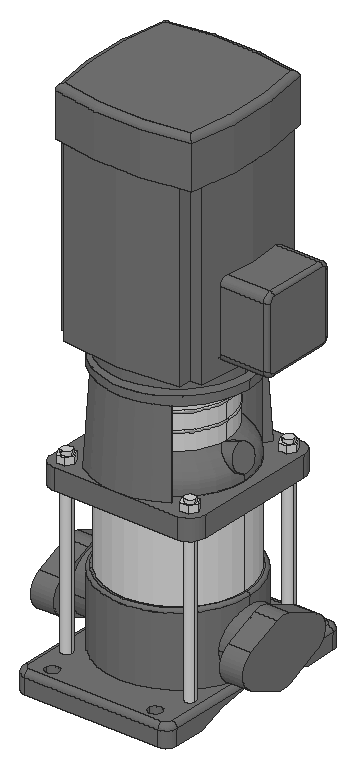
Revit family "TESK_Насос вертикальный с овальными фланцами_SVMT-5", category Оборудование, Revit 2019
Family settings
  Размер круглого соединителя = Использовать диаметр
  Классификация = Насос
  Тип детали = Вставляется
  На основе рабочей плоскости = Нет
  Всегда вертикально = Да
  При загрузке вырезать с полостями = Нет
  Общий = Нет
  Точка расчета площади = Нет
Parameters (values of type "Загрузите каталог типоразмеров TXT")
  Таблица_Поиска = "TESK_SVMT-5 ОФ"  # constant formula
  Производитель_Контакты = "info@teskpump.ru"
  Напор максимальный = 0
  Материал_КорпусУлитка = TESK_Черный_Условный
  Материал_КорпусДвигателя = TESK_Черный_Ребра_Условный
  Материал_2 = TESK_Нержавеющая сталь
  Материал_1 = TESK_Черный_Условный
  Длина_ВспомЛиния = 30 mm  # constant formula
  Высота_Перехода = size_lookup(Таблица_Поиска, "A5", 90 mm, ADSK_Марка)  # 90 mm
  Высота_Корпуса = size_lookup(Таблица_Поиска, "A1", 276 mm, ADSK_Марка)  # 276 mm
  Watermark [instance] = "Модели защищены уникальным кодом"
  URL = "www.teskpump.ru"
  ADSK_Свободный напор жидкости [instance] = 0.0 Pa
  ADSK_Расход жидкости [instance] = 0.0 L/s
  ADSK_Полная мощность = ADSK_Номинальная мощность * ADSK_Коэффициент мощности  # 0 kVA
  ADSK_Номинальная мощность = size_lookup(Таблица_Поиска, "Pow", 0 kW, ADSK_Марка)  # 0 kW
  ADSK_Напряжение = 400 V
  ADSK_Наименование краткое = "Вертикальный многоступенчатый центробежный насос"  # constant formula
  ADSK_Наименование = size_lookup(Таблица_Поиска, "Name", "Не найдено: Насос TESK SVMT-5", ADSK_Марка)  # "Не найдено: Насос TESK SVMT-5"
  ADSK_Масса_Текст = size_lookup(Таблица_Поиска, "mass_t", "Не найдено: Насос TESK SVMT-5", ADSK_Марка)  # "Не найдено: Насос TESK SVMT-5"
  ADSK_Масса = size_lookup(Таблица_Поиска, "mass", 0, ADSK_Марка)  # 0
  ADSK_Марка = "Загрузите каталог типоразмеров TXT"
  ADSK_Коэффициент мощности = 1
  ADSK_Количество фаз числовое = ADSK_Количество фаз  # 3
  ADSK_Количество фаз = if(ADSK_Напряжение = 230 V, 1, 3)  # 3
  ADSK_Количество = 1  # constant formula
  ADSK_Код изделия = size_lookup(Таблица_Поиска, "code", "Не найдено: Насос TESK SVMT-5", ADSK_Марка)  # "Не найдено: Насос TESK SVMT-5"
  ADSK_Классификация нагрузок = Прочее
  ADSK_Завод-изготовитель = "TESK"  # constant formula
  ADSK_Единица измерения = "шт."  # constant formula
  ADSK_Диаметр условный = 32 mm  # constant formula
  ADSK_Версия семейства = "1.0"  # constant formula
  ADSK_Версия Revit = "2019"  # constant formula
  Фланец_Толщина = 22 mm  # constant formula
  УГО_Длина = 206 mm  # constant formula
  Двигатель_Ширина = size_lookup(Таблица_Поиска, "A3", 148 mm, ADSK_Марка)  # 148 mm
  Двигатель_ОтступКоробки = size_lookup(Таблица_Поиска, "A4", 117 mm, ADSK_Марка)  # 117 mm
  Двигатель_Высота = size_lookup(Таблица_Поиска, "A2", 239 mm, ADSK_Марка)  # 239 mm
Reference planes
  plane 1 "По центру (Вперед/Назад)": y = 0
  plane 2: z = 0
  plane 3 "По центру (Влево/Вправо)": x = 0
  plane 4: x = -103
  plane 5: x = 103
  plane 6: x = -81
  plane 7: x = 81
  plane 8: z = -50
  plane 9: z = 226
  plane 10: z = -30
  plane 11: x = -65
  plane 12: z = 20
  plane 13: z = 30
  plane 14: z = 136
  plane 15: x = -40
  plane 16: z = 136
  plane 17: z = 116
  plane 18: x = -75
  plane 19: y = 75
  plane 20: x = 75
  plane 21: y = -75
  plane 22: z = 168.94
  plane 23: z = 218
  plane 24: z = 166
  plane 25: x = -46
  plane 26: x = -48
  plane 27: z = 183.333
  plane 28: z = 200.667
  plane 29: z = 201.667
  plane 30: z = 199.667
  plane 31: z = 184.333
  plane 32: z = 182.333
  plane 33: z = 213
  plane 34: x = -67
  plane 35: x = -75
  plane 36: x = -70
  plane 37: x = 67
  plane 38: x = 75
  plane 39: x = 70
  plane 40: x = -60
  plane 41: x = 60
  plane 42: y = -60
  plane 43: y = 60
  plane 44: z = 146
  plane 45: x = -75
  plane 46: x = 75
  plane 47: y = 105
  plane 48: y = -105
  plane 49: z = -35
  plane 50: x = -70
  plane 51: x = -75
  plane 52: x = -50
  plane 53: x = 50
  plane 54: y = -90
  plane 55: y = 90
  plane 56: z = 30
  plane 57: z = 40
  plane 58: x = -65
  plane 59: x = -70
  plane 60: x = -60
  plane 61: x = 60
  plane 62: y = 60
  plane 63: y = -60
  plane 64: z = 40
  plane 65: x = -75
  plane 66: x = 75
  plane 67: y = -65
  plane 68: y = 65
  plane 69: x = 35
  plane 70: z = 148
Forms (mm)
  Extrusion 1, solid, material "TESK_Черный_Условный" <- "Материал_КорпусУлитка", detail levels fine
    sketch origin (0, 0, 0) x (0, 1, 0) y (0, 0, 1)
      loop
        circle (0, 0) r 30
    from -81 to 81
  Revolve 2, solid, material "TESK_Черный_Условный" <- "Материал_1", detail levels fine
    sketch origin (0, 0, 0) x (1, 0, 0) y (0, 0, 1)
      loop
        line (0, 218) -> (-40, 218) -> (-40, 168.94)
        spline (-40, 168.94) -> (-41.244, 165.444) -> (-44.01, 163.899) -> (-47.266, 162.354) -> (-50.371, 160.694) -> (-53.074, 158.884) -> (-55.632, 156.744) -> (-58.115, 154.259) -> (-60.275, 151.663) -> (-62.008, 149.179) -> (-63.365, 146.735) -> (-64.459, 142.975) -> (-65, 136)
        line (-65, 136) -> (-65, 116) -> (0, 116) -> (0, 218)
      axis (0, 116) -> (0, 218)
    angle from 0 to 360
  Extrusion 3, solid, material "TESK_Черный_Условный" <- "Материал_1", detail levels fine
    sketch origin (0, 0, 0) x (1, 0, 0) y (0, 1, 0)
      loop
        line (-75, 60) -> (-75, -60)
        arc (-75, -60) -> (-70.607, -70.607) -> (-60, -75) r 15
        line (-60, -75) -> (60, -75)
        arc (60, -75) -> (70.607, -70.607) -> (75, -60) r 15
        line (75, -60) -> (75, 60)
        arc (75, 60) -> (70.607, 70.607) -> (60, 75) r 15
        line (60, 75) -> (-60, 75)
        arc (-60, 75) -> (-70.607, 70.607) -> (-75, 60) r 15
    from 116 to 136
  Revolve 4, solid, material "TESK_Нержавеющая сталь" <- "Материал_2", detail levels fine
    sketch origin (0, 0, 0) x (1, 0, 0) y (0, 0, 1)
      loop
        line (-48, 213) -> (-48, 201.667)
        arc (-48, 201.667) -> (-49, 200.667) -> (-48, 199.667) r 1
        line (-48, 199.667) -> (-48, 184.333)
        arc (-48, 184.333) -> (-49, 183.333) -> (-48, 182.333) r 1
        line (-48, 182.333) -> (-48, 166) -> (-46, 166) -> (-46, 213) -> (-48, 213)
      axis (0, 166) -> (0, 213)
    angle from 0 to 360
  Extrusion 5, solid, material "TESK_Черный_Условный" <- "Материал_1", detail levels fine
    sketch origin (0, 0, 0) x (1, 0, 0) y (0, 1, 0)
      loop
        circle (0, 0) r 70
    from 218 to 226
  Revolve 6, solid, material "TESK_Черный_Условный" <- "Материал_1", detail levels fine
    sketch origin (0, 0, 0) x (1, 0, 0) y (0, 0, 1)
      loop
        line (-70, 218) -> (-75, 136) -> (-67, 136) -> (-67, 218) -> (-70, 218)
      axis (0, 136) -> (0, 218)
    angle from 125 to 55
  Revolve 7, solid, material "TESK_Черный_Условный" <- "Материал_1", detail levels fine
    sketch origin (0, 0, 0) x (-1, 0, 0) y (0, 0, 1)
      loop
        line (-70, 218) -> (-75, 136) -> (-67, 136) -> (-67, 218) -> (-70, 218)
      axis (0, 136) -> (0, 218)
    angle from -125 to -55
  Extrusion 8, solid, material "TESK_Нержавеющая сталь" <- "Материал_2", detail levels fine
    sketch origin (0, 0, 0) x (1, 0, 0) y (0, 1, 0)
      loop
        circle (-60, 60) r 5
      loop
        circle (60, 60) r 5
      loop
        circle (-60, -60) r 5
      loop
        circle (60, -60) r 5
    from -30 to 146
  Extrusion 9, solid, material "TESK_Черный_Условный" <- "Материал_1", detail levels fine
    sketch origin (0, 0, 0) x (1, 0, 0) y (0, 1, 0)
      loop
        arc (-65, 105) -> (-72.071, 102.071) -> (-75, 95) r 10
        line (-75, 95) -> (-75, -95)
        arc (-75, -95) -> (-72.071, -102.071) -> (-65, -105) r 10
        line (-65, -105) -> (65, -105)
        arc (65, -105) -> (72.071, -102.071) -> (75, -95) r 10
        line (75, -95) -> (75, 95)
        arc (75, 95) -> (72.071, 102.071) -> (65, 105) r 10
        line (65, 105) -> (-65, 105)
    from -50 to -30
  Sweep 10, void
    path in 3D
      loop
        arc (-75, -95, -30) -> (-72.071, -102.071, -30) -> (-65, -105, -30) r 10
        line (-65, -105, -30) -> (65, -105, -30)
        arc (65, -105, -30) -> (72.071, -102.071, -30) -> (75, -95, -30) r 10
        line (75, -95, -30) -> (75, 95, -30)
        arc (75, 95, -30) -> (72.071, 102.071, -30) -> (65, 105, -30) r 10
        line (65, 105, -30) -> (-65, 105, -30)
        arc (-65, 105, -30) -> (-72.071, 102.071, -30) -> (-75, 95, -30) r 10
        line (-75, 95, -30) -> (-75, -95, -30)
    profile origin (-75, 0, -30) x (1, 0, 0) y (0, 0, 1)
      loop
        arc (0, -5) -> (1.464, -1.464) -> (5, 0) r 5
        line (5, 0) -> (0, 0) -> (0, -5)
  Extrusion 11, void
    sketch origin (0, 0, 0) x (1, 0, 0) y (0, 1, 0)
      loop
        circle (-50, 90) r 6.5
      loop
        circle (50, 90) r 6.5
      loop
        circle (-50, -90) r 6.5
      loop
        circle (50, -90) r 6.5
    from -50 to -30
  Revolve 12, solid, material "TESK_Черный_Условный" <- "Материал_КорпусУлитка", detail levels fine
    sketch origin (0, 0, 0) x (1, 0, 0) y (0, 0, 1)
      loop
        line (-70, -30) -> (0, -30) -> (0, 40) -> (-67, 40)
        arc (-67, 40) -> (-69.121, 39.121) -> (-70, 37) r 3
        line (-70, 37) -> (-70, -30)
      axis (0, -30) -> (0, 40)
    angle from 0 to 360
  Extrusion 13, solid, material "TESK_Нержавеющая сталь" <- "Материал_2", detail levels fine
    sketch origin (0, 0, 0) x (1, 0, 0) y (0, 1, 0)
      loop
        circle (0, 0) r 65
    from 40 to 116
  Extrusion 14, void
    sketch origin (0, 0, 0) x (0, 1, 0) y (0, 0, 1)
      loop
        line (-65, -50) -> (65, -50)
        arc (65, -50) -> (0, -35.506) -> (-65, -50) r 153
    from 75 to -75
  Extrusion 15, solid, material "TESK_Черный_Условный" <- "Материал_КорпусУлитка", detail levels fine
    sketch origin (0, 0, 0) x (0, 1, 0) y (0, 0, 1)
      loop
        line (-7.28, 30.675) -> (-39.42, 16.462)
        arc (-39.42, 16.462) -> (-50.14, 0) -> (-39.42, -16.462) r 18
        line (-39.42, -16.462) -> (-7.28, -30.675)
        arc (-7.28, -30.675) -> (0, -32.213) -> (7.28, -30.675) r 18
        line (7.28, -30.675) -> (39.42, -16.462)
        arc (39.42, -16.462) -> (50.14, 0) -> (39.42, 16.462) r 18
        line (39.42, 16.462) -> (7.28, 30.675)
        arc (7.28, 30.675) -> (0, 32.213) -> (-7.28, 30.675) r 18
    from 81 to 103
  Extrusion 16, solid, material "TESK_Черный_Условный" <- "Материал_КорпусУлитка", detail levels fine
    sketch origin (0, 0, 0) x (0, 1, 0) y (0, 0, 1)
      loop
        line (-7.28, 30.675) -> (-39.42, 16.462)
        arc (-39.42, 16.462) -> (-50.14, 0) -> (-39.42, -16.462) r 18
        line (-39.42, -16.462) -> (-7.28, -30.675)
        arc (-7.28, -30.675) -> (0, -32.213) -> (7.28, -30.675) r 18
        line (7.28, -30.675) -> (39.42, -16.462)
        arc (39.42, -16.462) -> (50.14, 0) -> (39.42, 16.462) r 18
        line (39.42, 16.462) -> (7.28, 30.675)
        arc (7.28, 30.675) -> (0, 32.213) -> (-7.28, 30.675) r 18
    from -81 to -103
  Sweep 17, solid, material "TESK_Черный_Условный" <- "Материал_1", detail levels fine
    path in 3D
      loop
        line (35, 0, 148) -> (63.978, 0, 155.765)
    profile origin (49.489, 0, 151.882) x (-0.258819, 0, 0.965926) y (0, -1, 0)
      loop
        circle (0, 0) r 12.65
Cuts and joins
  Sweep 10, Extrusion 11, Extrusion 14 cuts Extrusion 9
Lines and regions (mm)
  sketch lines
    curve 1: line (-75, 95, -30) -> (-75, -95, -30)
    curve 2: arc (-65, -105, -30) -> (-72.071, -102.071, -30) -> (-75, -95, -30) r 10
    curve 3: line (-65, -105, -30) -> (65, -105, -30)
    curve 4: arc (75, -95, -30) -> (72.071, -102.071, -30) -> (65, -105, -30) r 10
    curve 5: line (75, -95, -30) -> (75, 95, -30)
    curve 6: arc (65, 105, -30) -> (72.071, 102.071, -30) -> (75, 95, -30) r 10
    curve 7: line (65, 105, -30) -> (-65, 105, -30)
    curve 8: arc (-75, 95, -30) -> (-72.071, 102.071, -30) -> (-65, 105, -30) r 10
    curve 10: line (35, 0, 148) -> (63.978, 0, 155.765)
  reference lines
    curve 9: line (35, 0, 148) -> (63.978, 0, 155.765)
Dimensions and locks
  locked: plane 3 "По центру (Влево/Вправо)" to plane 4 at 103
  locked: plane 5 to plane 3 "По центру (Влево/Вправо)" at 103
  "Фланец_Толщина": plane 6 to plane 4
  "Фланец_Толщина": plane 5 to plane 7
  locked: plane 2 to plane 8 at 50
  locked: plane 10 to plane 8 at 20
  locked: plane 3 "По центру (Влево/Вправо)" to plane 11 at 65
  locked: plane 12 to level at 20
  locked: plane 13 to plane 12 at 10
  "Высота_Перехода": plane 9 to plane 14
  locked: plane 3 "По центру (Влево/Вправо)" to plane 15 at 40
  "Высота_Перехода": plane 9 to plane 16
  locked: plane 16 to plane 17 at 20
  equal spacing: plane 18, plane 3 "По центру (Влево/Вправо)", plane 20
  equal spacing: plane 19, plane 1 "По центру (Вперед/Назад)", plane 21
  locked: plane 21 to plane 1 "По центру (Вперед/Назад)" at 75
  locked: plane 18 to plane 3 "По центру (Влево/Вправо)" at 75
  locked: plane 22 to plane 14 at 32.94
  locked: plane 24 to plane 16 at 30
  locked: plane 9 to plane 23 at 8
  locked: plane 3 "По центру (Влево/Вправо)" to plane 25 at 46
  locked: plane 3 "По центру (Влево/Вправо)" to plane 26 at 48
  equal spacing: plane 23, plane 28, plane 27, plane 24
  plane 29 to plane 28 to plane 30 = 1 mm locked, 1 mm locked
  plane 31 to plane 27 to plane 32 = 1 mm locked, 1 mm locked
  locked: plane 23 to plane 33 at 5
  locked: plane 3 "По центру (Влево/Вправо)" to plane 34 at 67
  locked: plane 35 to plane 3 "По центру (Влево/Вправо)" at 75
  locked: plane 3 "По центру (Влево/Вправо)" to plane 36 at 70
  locked: plane 37 to plane 3 "По центру (Влево/Вправо)" at 67
  locked: plane 39 to plane 3 "По центру (Влево/Вправо)" at 70
  locked: plane 38 to plane 3 "По центру (Влево/Вправо)" at 75
  equal spacing: plane 40, plane 3 "По центру (Влево/Вправо)", plane 41
  locked: plane 40 to plane 3 "По центру (Влево/Вправо)" at 60
  equal spacing: plane 43, plane 1 "По центру (Вперед/Назад)", plane 42
  locked: plane 43 to plane 1 "По центру (Вперед/Назад)" at 60
  locked: plane 44 to plane 16 at 10
  equal spacing: plane 45, plane 3 "По центру (Влево/Вправо)", plane 46
  locked: plane 45 to plane 3 "По центру (Влево/Вправо)" at 75
  equal spacing: plane 47, plane 1 "По центру (Вперед/Назад)", plane 48
  plane 47 to plane 1 "По центру (Вперед/Назад)" = 105 mm
  locked: plane 51 to plane 3 "По центру (Влево/Вправо)" at 75
  locked: plane 51 to plane 50 at 5
  locked: plane 10 to plane 49 at 5
  equal spacing: plane 52, plane 3 "По центру (Влево/Вправо)", plane 53
  locked: plane 52 to plane 3 "По центру (Влево/Вправо)" at 50
  equal spacing: plane 55, plane 1 "По центру (Вперед/Назад)", plane 54
  locked: plane 55 to plane 1 "По центру (Вперед/Назад)" at 90
  locked: plane 3 "По центру (Влево/Вправо)" to plane 58 at 65
  locked: plane 58 to plane 59 at 5
  locked: plane 56 to plane 2 at 30
  locked: plane 57 to plane 56 at 10
  equal spacing: plane 62, plane 1 "По центру (Вперед/Назад)", plane 63
  locked: plane 62 to plane 1 "По центру (Вперед/Назад)" at 60
  equal spacing: plane 60, plane 3 "По центру (Влево/Вправо)", plane 61
  locked: plane 3 "По центру (Влево/Вправо)" to plane 61 at 60
  locked: plane 64 to plane 2 at 40
  equal spacing: plane 66, plane 3 "По центру (Влево/Вправо)", plane 65
  locked: plane 66 to plane 3 "По центру (Влево/Вправо)" at 75
  "Высота_Корпуса": plane 9 to plane 8
  equal spacing: plane 67, plane 1 "По центру (Вперед/Назад)", plane 68
  locked: plane 67 to plane 1 "По центру (Вперед/Назад)" at 65
  locked: plane 8 to Extrusion 14 sketch curve at 138.506
  equal spacing: Extrusion 15 sketch curve, plane 2, Extrusion 15 sketch curve
  equal spacing: Extrusion 15 sketch curve, plane 1 "По центру (Вперед/Назад)", Extrusion 15 sketch curve
  locked: Extrusion 15 sketch curve to plane 1 "По центру (Вперед/Назад)" at 32.14
  locked: Extrusion 15 sketch curve to plane 2 at 14.213
  equal spacing: Extrusion 16 sketch curve, plane 2, Extrusion 16 sketch curve
  equal spacing: Extrusion 16 sketch curve, plane 1 "По центру (Вперед/Назад)", Extrusion 16 sketch curve
  locked: Extrusion 16 sketch curve to plane 1 "По центру (Вперед/Назад)" at 32.14
  locked: Extrusion 16 sketch curve to plane 2 at 14.213
  locked: plane 69 to plane 3 "По центру (Влево/Вправо)" at 35
  locked: plane 70 to plane 16 at 12
  "Длина_ВспомЛиния": curve 9 to curve 9
  diameter of Extrusion 1 sketch curve = 60 mm
  radius of Extrusion 3 sketch curve = 15 mm  (x4)
  radius of Revolve 4 sketch curve = 1 mm  (x2)
  diameter of Extrusion 5 sketch curve = 140 mm
  diameter of Extrusion 8 sketch curve = 10 mm  (x4)
  radius of Extrusion 9 sketch curve = 10 mm  (x4)
  radius of Sweep 10 sketch curve = 5 mm
  diameter of Extrusion 11 sketch curve = 13 mm  (x4)
  diameter of Extrusion 13 sketch curve = 130 mm
  radius of Revolve 12 sketch curve = 3 mm
  radius of Extrusion 14 sketch curve = 153 mm
  radius of Extrusion 15 sketch curve = 18 mm  (x4)
  radius of Extrusion 16 sketch curve = 18 mm  (x4)
  diameter of Sweep 17 sketch curve = 25.3 mm
  locked: plane 70 to curve 9 (angle 15.00°)
  aligned and locked: level to plane 2
  aligned and locked: Extrusion 1 to plane 6
  aligned and locked: plane 7 to Extrusion 1
  aligned and locked: plane 9 to nested 1
  aligned and locked: plane 3 "По центру (Влево/Вправо)" to Revolve 2 sketch curve
  aligned and locked: Revolve 2 sketch curve to plane 3 "По центру (Влево/Вправо)"
  aligned and locked: Revolve 2 sketch curve to plane 11
  aligned and locked: plane 14 to Revolve 2 sketch curve
  aligned and locked: Revolve 2 sketch curve to plane 15
  aligned and locked: Extrusion 3 sketch curve to plane 18
  aligned and locked: Extrusion 3 sketch curve to plane 19
  aligned and locked: Extrusion 3 sketch curve to plane 20
  aligned and locked: Extrusion 3 sketch curve to plane 21
  aligned and locked: plane 16 to Extrusion 3
  aligned and locked: Extrusion 3 to plane 17
  aligned and locked: plane 22 to Revolve 2 sketch curve
  aligned and locked: plane 3 "По центру (Влево/Вправо)" to Revolve 4 sketch curve
  aligned and locked: Revolve 4 sketch curve to plane 26  (x3)
  aligned and locked: Revolve 4 sketch curve to plane 24
  aligned and locked: Revolve 4 sketch curve to plane 25
  aligned and locked: Revolve 4 sketch curve to plane 33
  aligned and locked: Extrusion 5 to plane 23
  aligned and locked: plane 9 to Extrusion 5
  aligned and locked: plane 3 "По центру (Влево/Вправо)" to Revolve 6 sketch curve
  aligned and locked: Revolve 6 sketch curve to plane 34
  aligned and locked: plane 16 to Revolve 6 sketch curve
  aligned and locked: Revolve 6 sketch curve to plane 23
  aligned and locked: plane 35 to Revolve 6 sketch curve
  aligned and locked: plane 36 to Revolve 6 sketch curve
  aligned and locked: Revolve 7 sketch curve to plane 37
  aligned and locked: Revolve 7 sketch curve to plane 16
  aligned and locked: plane 23 to Revolve 7 sketch curve
  aligned and locked: plane 43 to Extrusion 8 sketch curve  (x2)
  aligned and locked: plane 40 to Extrusion 8 sketch curve  (x2)
  aligned and locked: plane 41 to Extrusion 8 sketch curve  (x2)
  aligned and locked: plane 42 to Extrusion 8 sketch curve  (x2)
  aligned and locked: Extrusion 8 to plane 10
  aligned and locked: plane 44 to Extrusion 8
  aligned and locked: Extrusion 9 sketch curve to plane 47
  aligned and locked: Extrusion 9 sketch curve to plane 45
  aligned and locked: Extrusion 9 sketch curve to plane 46
  aligned and locked: Extrusion 9 sketch curve to plane 48
  aligned and locked: plane 8 to Extrusion 9
  aligned and locked: plane 10 to Extrusion 9
  aligned and locked: Sweep 10 sketch curve to plane 51
  aligned and locked: profile plane to Sweep 10 sketch curve
  aligned and locked: Revolve 2 sketch curve to plane 23
  aligned and locked: nested 2 to plane 1 "По центру (Вперед/Назад)"
  aligned and locked: nested 2 to plane 3 "По центру (Влево/Вправо)"
  aligned and locked: nested 3 to plane 3 "По центру (Влево/Вправо)"
  aligned and locked: nested 3 to plane 1 "По центру (Вперед/Назад)"
  aligned and locked: plane 2 to nested 3
  aligned and locked: plane 52 to Extrusion 11 sketch curve  (x2)
  aligned and locked: plane 54 to Extrusion 11 sketch curve
  aligned and locked: plane 53 to Extrusion 11 sketch curve  (x2)
  aligned and locked: plane 55 to Extrusion 11 sketch curve  (x2)
  aligned and locked: plane 10 to Extrusion 11
  aligned and locked: Extrusion 11 to plane 8
  aligned and locked: plane 3 "По центру (Влево/Вправо)" to Revolve 12 sketch curve
  aligned and locked: Revolve 12 sketch curve to plane 10
  aligned and locked: Revolve 12 sketch curve to plane 59
  aligned and locked: Revolve 12 sketch curve to plane 57
  aligned and locked: Revolve 12 sketch curve to plane 3 "По центру (Влево/Вправо)"
  aligned and locked: plane 3 "По центру (Влево/Вправо)" to nested 1
  aligned and locked: plane 1 "По центру (Вперед/Назад)" to nested 1
  aligned and locked: nested 4 to plane 62
  aligned and locked: plane 61 to nested 4
  aligned and locked: plane 62 to nested 5
  aligned and locked: plane 60 to nested 5
  aligned and locked: plane 63 to nested 7
  aligned and locked: nested 7 to plane 60
  aligned and locked: nested 6 to plane 63
  aligned and locked: nested 6 to plane 61
  aligned and locked: plane 16 to nested 6
  aligned and locked: nested 4 to plane 16
  aligned and locked: nested 7 to plane 16
  aligned and locked: plane 16 to nested 5
  aligned and locked: Revolve 2 sketch curve to plane 17
  aligned and locked: plane 1 "По центру (Вперед/Назад)" to Extrusion 13 sketch curve
  aligned and locked: plane 3 "По центру (Влево/Вправо)" to Extrusion 13 sketch curve
  aligned and locked: plane 17 to Extrusion 13
  aligned and locked: Extrusion 13 to plane 64
  aligned and locked: plane 38 to Revolve 7 sketch curve
  aligned and locked: Revolve 7 sketch curve to plane 39
  aligned and locked: plane 67 to Extrusion 14 sketch curve
  aligned and locked: plane 68 to Extrusion 14 sketch curve
  aligned and locked: plane 1 "По центру (Вперед/Назад)" to Extrusion 14 sketch curve
  aligned and locked: Extrusion 14 to plane 66
  aligned and locked: Extrusion 14 to plane 65
  aligned and locked: plane 1 "По центру (Вперед/Назад)" to Extrusion 15 sketch curve  (x2)
  aligned and locked: plane 2 to Extrusion 15 sketch curve  (x2)
  aligned and locked: Extrusion 15 to plane 7
  aligned and locked: plane 5 to Extrusion 15
  aligned and locked: plane 1 "По центру (Вперед/Назад)" to Extrusion 16 sketch curve  (x2)
  aligned and locked: plane 2 to Extrusion 16 sketch curve  (x2)
  aligned and locked: Extrusion 16 to plane 6
  aligned and locked: Extrusion 16 to plane 4
  aligned and locked: plane 70 to curve 9
  aligned and locked: plane 69 to curve 9
Automatic sketch dimensions
  Extrusion 1 sketch curve to level = 0 mm
  Extrusion 1 sketch curve to plane 1 "По центру (Вперед/Назад)" = 0 mm
  Revolve 4 sketch curve to plane 32 = 0 mm
  Revolve 4 sketch curve to plane 30 = 0 mm
  Revolve 4 sketch curve to plane 24 = 10 mm
  Revolve 4 sketch curve to Revolve 4 sketch curve = 10 mm
  plane 1 "По центру (Вперед/Назад)" to Extrusion 5 sketch curve = 0 mm
  Extrusion 5 sketch curve to plane 3 "По центру (Влево/Вправо)" = 0 mm
  Sweep 10 sketch curve to plane 49 = 0 mm  (x2)
  Sweep 10 sketch curve to Sweep 10 sketch curve = 0 mm
  Sweep 10 sketch curve to plane 50 = 0 mm
  Extrusion 11 sketch curve to plane 54 = 0 mm
  Revolve 6 sketch curve to plane 44 = 0 mm
  Revolve 6 sketch curve to plane 24 = 7.057 mm
  Revolve 7 sketch curve to plane 3 "По центру (Влево/Вправо)" = 0 mm
  Revolve 7 sketch curve to plane 44 = 0 mm
  plane 24 to Revolve 7 sketch curve = 7.057 mm
  Revolve 12 sketch curve to Revolve 12 sketch curve = 21 mm
  Revolve 12 sketch curve to plane 17 = 10 mm
  Extrusion 15 sketch curve to Extrusion 15 sketch curve = 0 mm
  Extrusion 15 sketch curve to Extrusion 15 sketch curve = 7.28 mm  (x5)
  Extrusion 15 sketch curve to plane 1 "По центру (Вперед/Назад)" = 7.28 mm  (x2)
  Extrusion 16 sketch curve to Extrusion 16 sketch curve = 0 mm
  Extrusion 16 sketch curve to Extrusion 16 sketch curve = 7.28 mm  (x5)
  Extrusion 16 sketch curve to Extrusion 16 sketch curve = 14.56 mm
  Extrusion 16 sketch curve to plane 1 "По центру (Вперед/Назад)" = 7.28 mm
  Sweep 17 sketch curve to profile plane = 0 mm
  profile plane to Sweep 17 sketch curve = 0 mm
  Revolve 2 sketch curve to plane 17 = 8 mm
  Revolve 2 sketch curve to Revolve 2 sketch curve = 2 mm
Nested families
  nested 1: "Электродвигатель" at (0, 0, 226), Высота_Двигателя <- "Двигатель_Высота", Отступ_Коробка <- "Двигатель_ОтступКоробки", Ширина_Двигателя <- "Двигатель_Ширина", ADSK_Материал <- "Материал_1", Материал_Корпуса <- "Материал_КорпусДвигателя", type "Электродвигатель", detail levels fine
    with Ширина_Коробки 74 mm, Ширина_Двигателя 148 mm, Отступ_Коробка 117 mm, Материал_Корпуса TESK_Черный_Ребра_Условный, Высота_Двигателя 239 mm, r_Крышка 5.92 mm, r_Коробка 7.4 mm, r2_Коробка 3.7 mm, r2 66.6 mm, r1 54.76 mm, h4 11.95 mm, h3 47.8 mm, h2 14.34 mm, h1 4.78 mm, a 17.76 mm, R 281.2 mm, ADSK_Материал TESK_Черный_Условный
  nested 2: "Вл_УГО_Насос_2D" at (0, 0, 0) x (-1, 0, 0) z (0, 0, 1), L_УГО <- "УГО_Длина", type "Вл_УГО_Насос_2D", detail levels coarse+medium
    with L_УГО 206 mm
  nested 3: "Вл_УГО_Насос_3D" at (0, 0, 0) x (-1, 0, 0) z (0, -1, 0), L_УГО <- "УГО_Длина", type "Вл_УГО_Насос_3D", detail levels coarse+medium
    with L_УГО 206 mm
  nested 4: "Гайка_Условная" at (60, 60, 136), Материал1 <- "Материал_2", type "Гайка_Условная", detail levels fine
    with Толщина_Гайка 7 mm, Материал1 TESK_Нержавеющая сталь, S_Гайка 14 mm, D_Вн 10 mm
  nested 5: "Гайка_Условная" at (-60, 60, 136) x (-1, 0, 0) z (0, 0, 1), Материал1 <- "Материал_2", type "Гайка_Условная", detail levels fine
    with Толщина_Гайка 7 mm, Материал1 TESK_Нержавеющая сталь, S_Гайка 14 mm, D_Вн 10 mm
  nested 6: "Гайка_Условная" at (60, -60, 136), Материал1 <- "Материал_2", type "Гайка_Условная", detail levels fine
    with Толщина_Гайка 7 mm, Материал1 TESK_Нержавеющая сталь, S_Гайка 14 mm, D_Вн 10 mm
  nested 7: "Гайка_Условная" at (-60, -60, 136) x (-1, 0, 0) z (0, 0, 1), Материал1 <- "Материал_2", type "Гайка_Условная", detail levels fine
    with Толщина_Гайка 7 mm, Материал1 TESK_Нержавеющая сталь, S_Гайка 14 mm, D_Вн 10 mm
Connectors
  electrical at (0, 0, 417.2), driven by "ADSK_Количество фаз", driven by "ADSK_Классификация нагрузок", driven by "ADSK_Напряжение", driven by "ADSK_Полная мощность", driven by "ADSK_Коэффициент мощности"
    settings: on nested 1, index 1, voltage 400 V, apparent load 0 kVA, apparent load phase1 0 kVA, apparent load phase2 0 kVA, apparent load phase3 0 kVA, power factor 1, load classification "Прочее", number of poles 3, system type 30, power factor state 1, is connector primary yes, connector utility no, sub classification motor no, connector description ""
  piping at (-103, 0, 0), diameter 32, driven by "ADSK_Диаметр условный", driven by "ADSK_Расход жидкости"
    settings: on Extrusion 16, index 2, connector inside diameter 609.6 mm, connector length 0 mm, flow factor 0, pipe flow 0.0 L/s, pressure drop 0.0 Pa, fitting loss kfactor 0, connector angle 0.00°, fixture units 0, engagement length 0 mm, angle of deflection 0.00°, flow configuration 0, flow direction 1, fitting loss method 0, system type 29, joint type 0, gender type 0, connector reference index 3, connector utility 0, adjustable connector no, is connector primary no, connector description ""
  piping at (103, 0, 0), diameter 32, driven by "ADSK_Диаметр условный", driven by "ADSK_Расход жидкости"
    settings: on Extrusion 15, index 3, connector inside diameter 609.6 mm, connector length 0 mm, flow factor 0, pipe flow 0.0 L/s, pressure drop 0.0 Pa, fitting loss kfactor 0, connector angle 0.00°, fixture units 0, engagement length 0 mm, angle of deflection 0.00°, flow configuration 0, flow direction 2, fitting loss method 0, system type 29, joint type 0, gender type 0, connector reference index 2, connector utility 0, adjustable connector no, is connector primary yes, connector description ""
Definition of nested family "Электродвигатель"
  Parameters (values of type "Электродвигатель")
    Ширина_Коробки [instance] = Ширина_Двигателя * 0.5  # 74 mm
    Ширина_Двигателя [instance] = 148 mm
    Отступ_Коробка [instance] = 117 mm
    Материал_Корпуса [instance] = none
    Высота_Двигателя [instance] = 239 mm
    r_Крышка [instance] = Ширина_Двигателя * 0.04  # 5.92 mm
    r_Коробка [instance] = Ширина_Коробки * 0.1  # 7.4 mm
    r2_Коробка [instance] = Ширина_Коробки * 0.05  # 3.7 mm
    r2 [instance] = Ширина_Двигателя * 0.45  # 66.6 mm
    r1 [instance] = Ширина_Двигателя * 0.37  # 54.76 mm
    h4 [instance] = Высота_Двигателя * 0.05  # 11.95 mm
    h3 [instance] = Высота_Двигателя * 0.2  # 47.8 mm
    h2 [instance] = Высота_Двигателя * 0.06  # 14.34 mm
    h1 [instance] = Высота_Двигателя * 0.02  # 4.78 mm
    a [instance] = Ширина_Двигателя * 0.12  # 17.76 mm
    R [instance] = Ширина_Двигателя * 1.9  # 281.2 mm
    ADSK_Материал [instance] = none
  Reference planes
    plane 1 "По центру (Вперед/Назад)": y = 0
    plane 2: z = 0
    plane 3 "По центру (Влево/Вправо)": x = 0
    plane 4: z = 239
    plane 5: x = -74
    plane 6: x = 74
    plane 7: x = 117
    plane 8: y = 74
    plane 9: y = -74
    plane 10: z = 4.78
    plane 11: z = 19.12
    plane 12: z = 191.2
    plane 13: x = -56.24
    plane 14: y = -56.24
    plane 15: y = 56.24
    plane 16: x = -56.24
    plane 17: x = 56.24
    plane 18: y = 56.24
    plane 19: x = 56.24
    plane 20: y = -56.24
    plane 21: x = -66.6
    plane 22: x = -54.76
    plane 23: x = 207.2
    plane 24: x = -207.2
    plane 25: y = -207.2
    plane 26: y = 207.2
    plane 27: x = 207.2
    plane 28: y = -207.2
    plane 29: x = -207.2
    plane 30: y = 207.2
    plane 31: y = 68.08
    plane 32: z = 233.08
    plane 33: z = 31.07
    plane 34: z = 105.07
    plane 35: y = -37
    plane 36: y = 37
    plane 37: x = 113.3
    plane 38: z = 101.37
  Forms (mm)
    Extrusion 1, solid, material <- "Материал_Корпуса"
      sketch origin (0, 0, 0) x (1, 0, 0) y (0, 1, 0)
        loop
          arc (-68.319, 56.24) -> (-74, 0) -> (-68.319, -56.24) r 281.2
          line (-68.319, -56.24) -> (-56.24, -56.24) -> (-56.24, -68.319)
          arc (-56.24, -68.319) -> (0, -74) -> (56.24, -68.319) r 281.2
          line (56.24, -68.319) -> (56.24, -56.24) -> (68.319, -56.24)
          arc (68.319, -56.24) -> (74, 0) -> (68.319, 56.24) r 281.2
          line (68.319, 56.24) -> (56.24, 56.24) -> (56.24, 68.319)
          arc (56.24, 68.319) -> (0, 74) -> (-56.24, 68.319) r 281.2
          line (-56.24, 68.319) -> (-56.24, 56.24) -> (-68.319, 56.24)
      from 19.12 to 191.2
    Revolve 2, solid, material <- "ADSK_Материал"
      sketch origin (0, 0, 0) x (1, 0, 0) y (0, 0, 1)
        loop
          line (-66.6, 19.12) -> (-66.6, 4.78) -> (-54.76, 4.78) -> (-54.76, 0) -> (0, 0) -> (0, 19.12) -> (-66.6, 19.12)
        axis (0, 0) -> (0, 19.12)
      angle from 0 to 360
    Extrusion 3, solid, material <- "ADSK_Материал"
      sketch origin (0, 0, 0) x (1, 0, 0) y (0, 1, 0)
        loop
          arc (-66.117, 66.117) -> (-74, 0) -> (-66.117, -66.117) r 281.2
          arc (-66.117, -66.117) -> (0, -74) -> (66.117, -66.117) r 281.2
          arc (66.117, -66.117) -> (74, 0) -> (66.117, 66.117) r 281.2
          arc (66.117, 66.117) -> (0, 74) -> (-66.117, 66.117) r 281.2
      from 191.2 to 239
    Sweep 4, void
      path in 3D
        loop
          arc (66.117, 66.117, 239) -> (74, 0, 239) -> (66.117, -66.117, 239) r 281.2
          arc (66.117, -66.117, 239) -> (0, -74, 239) -> (-66.117, -66.117, 239) r 281.2
          arc (-66.117, -66.117, 239) -> (-74, 0, 239) -> (-66.117, 66.117, 239) r 281.2
          arc (-66.117, 66.117, 239) -> (0, 74, 239) -> (66.117, 66.117, 239) r 281.2
      profile origin (0, 74, 239) x (0, 1, 0) y (0, 0, 1)
        loop
          line (0, 0) -> (-5.92, 0)
          arc (-5.92, 0) -> (-1.734, -1.734) -> (0, -5.92) r 5.92
          line (0, -5.92) -> (0, 0)
    Extrusion 5, solid, material <- "ADSK_Материал"
      sketch origin (0, 0, 0) x (0, 1, 0) y (0, 0, 1)
        loop
          line (-29.6, 31.07) -> (29.6, 31.07)
          arc (29.6, 31.07) -> (34.833, 33.237) -> (37, 38.47) r 7.4
          line (37, 38.47) -> (37, 97.67)
          arc (37, 97.67) -> (34.833, 102.903) -> (29.6, 105.07) r 7.4
          line (29.6, 105.07) -> (-29.6, 105.07)
          arc (-29.6, 105.07) -> (-34.833, 102.903) -> (-37, 97.67) r 7.4
          line (-37, 97.67) -> (-37, 38.47)
          arc (-37, 38.47) -> (-34.833, 33.237) -> (-29.6, 31.07) r 7.4
      from 0 to 117
    Sweep 6, void
      path in 3D
        loop
          arc (117, -29.6, 105.07) -> (117, -34.833, 102.903) -> (117, -37, 97.67) r 7.4
          line (117, -37, 97.67) -> (117, -37, 38.47)
          arc (117, -37, 38.47) -> (117, -34.833, 33.237) -> (117, -29.6, 31.07) r 7.4
          line (117, -29.6, 31.07) -> (117, 29.6, 31.07)
          arc (117, 29.6, 31.07) -> (117, 34.833, 33.237) -> (117, 37, 38.47) r 7.4
          line (117, 37, 38.47) -> (117, 37, 97.67)
          arc (117, 37, 97.67) -> (117, 34.833, 102.903) -> (117, 29.6, 105.07) r 7.4
          line (117, 29.6, 105.07) -> (117, -29.6, 105.07)
      profile origin (117, 0, 105.07) x (1, 0, 0) y (0, 0, 1)
        loop
          arc (-3.7, 0) -> (-1.084, -1.084) -> (0, -3.7) r 3.7
          line (0, -3.7) -> (0, 0) -> (-3.7, 0)
  Cuts and joins
    Sweep 4 cuts Extrusion 3
    Sweep 6 cuts Extrusion 5
  Lines and regions (mm)
    sketch lines
      curve 1: arc (-66.117, 66.117, 239) -> (0, 74, 239) -> (66.117, 66.117, 239) r 281.2
      curve 2: arc (66.117, 66.117, 239) -> (74, 0, 239) -> (66.117, -66.117, 239) r 281.2
      curve 3: arc (66.117, -66.117, 239) -> (0, -74, 239) -> (-66.117, -66.117, 239) r 281.2
      curve 4: arc (-66.117, -66.117, 239) -> (-74, 0, 239) -> (-66.117, 66.117, 239) r 281.2
      curve 5: line (117, 29.6, 105.07) -> (117, -29.6, 105.07)
      curve 6: arc (117, 29.6, 105.07) -> (117, 34.833, 102.903) -> (117, 37, 97.67) r 7.4
      curve 7: line (117, 37, 38.47) -> (117, 37, 97.67)
      curve 8: arc (117, 37, 38.47) -> (117, 34.833, 33.237) -> (117, 29.6, 31.07) r 7.4
      curve 9: line (117, -29.6, 31.07) -> (117, 29.6, 31.07)
      curve 10: arc (117, -29.6, 31.07) -> (117, -34.833, 33.237) -> (117, -37, 38.47) r 7.4
      curve 11: line (117, -37, 97.67) -> (117, -37, 38.47)
      curve 12: arc (117, -37, 97.67) -> (117, -34.833, 102.903) -> (117, -29.6, 105.07) r 7.4
  Dimensions and locks
    "Высота_Двигателя": plane 4 to plane 2
    equal spacing: plane 6, plane 3 "По центру (Влево/Вправо)", plane 5
    "Ширина_Двигателя": plane 6 to plane 5
    "Отступ_Коробка": plane 7 to plane 3 "По центру (Влево/Вправо)"
    equal spacing: plane 8, plane 1 "По центру (Вперед/Назад)", plane 9
    "Ширина_Двигателя": plane 8 to plane 9
    "a": plane 5 to plane 13
    "a": plane 14 to plane 9
    "a": plane 19 to plane 6
    "a": plane 20 to plane 9
    "a": plane 17 to plane 6
    "a": plane 8 to plane 18
    "a": plane 8 to plane 15
    "a": plane 5 to plane 16
    "r1": plane 3 "По центру (Влево/Вправо)" to plane 22
    "r2": plane 3 "По центру (Влево/Вправо)" to plane 21
    "h1": plane 10 to plane 2
    "h2": plane 11 to plane 10
    "h3": plane 4 to plane 12
    "R": plane 8 to plane 25
    "R": plane 5 to plane 23
    "R": plane 26 to plane 9
    "R": plane 24 to plane 6
    "R": plane 30 to plane 9
    "R": plane 8 to plane 28
    "R": plane 29 to plane 6
    "R": plane 5 to plane 27
    "r_Крышка": plane 8 to plane 31
    "r_Крышка": plane 4 to plane 32
    "h4": plane 33 to plane 11
    "Ширина_Коробки": plane 34 to plane 33
    equal spacing: plane 35, plane 1 "По центру (Вперед/Назад)", plane 36
    "Ширина_Коробки": plane 35 to plane 36
    "r2_Коробка": plane 7 to plane 37
    "r2_Коробка": plane 34 to plane 38
    "R": radius of Extrusion 1 sketch curve  (x4)
    "R": radius of Extrusion 3 sketch curve  (x4)
    "r_Крышка": radius of Sweep 4 sketch curve
    "r_Коробка": radius of Extrusion 5 sketch curve  (x4)
    "r2_Коробка": radius of Sweep 6 sketch curve
    aligned and locked: level to plane 2
    aligned and locked: Extrusion 1 sketch curve to plane 16
    aligned and locked: Extrusion 1 sketch curve to plane 17
    aligned and locked: Extrusion 1 sketch curve to plane 18
    aligned and locked: Extrusion 1 sketch curve to plane 20
    aligned and locked: Extrusion 1 sketch curve to plane 19
    aligned and locked: Extrusion 1 sketch curve to plane 13
    aligned and locked: Extrusion 1 sketch curve to plane 14
    aligned and locked: plane 12 to Extrusion 1
    aligned and locked: Extrusion 1 to plane 11
    aligned and locked: plane 3 "По центру (Влево/Вправо)" to Revolve 2 sketch curve
    aligned and locked: Revolve 2 sketch curve to plane 11
    aligned and locked: Revolve 2 sketch curve to plane 3 "По центру (Влево/Вправо)"
    aligned and locked: Revolve 2 sketch curve to level
    aligned and locked: Revolve 2 sketch curve to plane 21
    aligned and locked: Revolve 2 sketch curve to plane 22
    aligned and locked: Revolve 2 sketch curve to plane 10
    aligned and locked: plane 23 to Extrusion 1 sketch curve
    aligned and locked: plane 1 "По центру (Вперед/Назад)" to Extrusion 1 sketch curve  (x2)
    aligned and locked: plane 25 to Extrusion 1 sketch curve
    aligned and locked: plane 3 "По центру (Влево/Вправо)" to Extrusion 1 sketch curve  (x2)
    aligned and locked: plane 24 to Extrusion 1 sketch curve
    aligned and locked: plane 26 to Extrusion 1 sketch curve
    aligned and locked: plane 28 to Extrusion 3 sketch curve
    aligned and locked: plane 3 "По центру (Влево/Вправо)" to Extrusion 3 sketch curve  (x2)
    aligned and locked: plane 1 "По центру (Вперед/Назад)" to Extrusion 3 sketch curve  (x2)
    aligned and locked: plane 29 to Extrusion 3 sketch curve
    aligned and locked: plane 30 to Extrusion 3 sketch curve
    aligned and locked: plane 27 to Extrusion 3 sketch curve
    aligned and locked: plane 4 to Extrusion 3
    aligned and locked: Extrusion 3 to plane 12
    aligned and locked: profile plane to Sweep 4 sketch curve  (x2)
    aligned and locked: Extrusion 5 sketch curve to plane 33
    aligned and locked: Extrusion 5 sketch curve to plane 35
    aligned and locked: Extrusion 5 sketch curve to plane 34
    aligned and locked: Extrusion 5 sketch curve to plane 36
    aligned and locked: Extrusion 5 to plane 3 "По центру (Влево/Вправо)"
    aligned and locked: plane 7 to Extrusion 5
    aligned and locked: Sweep 6 sketch curve to plane 34
    aligned and locked: Sweep 6 sketch curve to plane 7
    aligned and locked: plane 37 to Sweep 6 sketch curve
    aligned and locked: plane 38 to Sweep 6 sketch curve
  Automatic sketch dimensions
    Extrusion 1 sketch curve to plane 15 = 0 mm
    plane 10 to Revolve 2 sketch curve = 5 mm
    Revolve 2 sketch curve to plane 11 = 0.698 mm
    Sweep 4 sketch curve to plane 31 = 0 mm  (x2)
    Sweep 4 sketch curve to plane 32 = 0 mm  (x2)
    Sweep 6 sketch curve to plane 37 = 0 mm
    Sweep 6 sketch curve to plane 38 = 0 mm
Definition of nested family "Вл_УГО_Насос_3D"
  Parameters (values of type "Вл_УГО_Насос_3D")
    L_УГО [instance] = 490 mm
    D = 200 mm  # constant formula
  Reference planes
    plane 1 "По центру (Вперед/Назад)": y = 0
    plane 2: z = 0
    plane 3 "По центру (Влево/Вправо)": x = 0
    plane 4: x = -245
    plane 5: x = 245
    plane 6: z = -1
    plane 7: z = 1
    plane 8: z = 0.5
    plane 9: z = -0.5
  Forms (mm)
    Extrusion 1, solid
      sketch origin (0, 0, 0) x (1, 0, 0) y (0, 1, 0)
        loop
          circle (0, 0) r 100
      from -0.5 to 0.5
    Extrusion 2, solid
      sketch origin (0, 0, 0) x (1, 0, 0) y (0, 1, 0)
        loop
          line (-100, 0) -> (50, -86.603) -> (50, 86.603) -> (-100, 0)
      from -1 to 1
  Lines and regions (mm)
    model lines
      curve 1: line (-245, 0, 0) -> (-100, 0, 0)
      curve 2: line (100, 0, 0) -> (245, 0, 0)
  Dimensions and locks
    equal spacing: plane 4, plane 3 "По центру (Влево/Вправо)", plane 5
    plane 7 to level to plane 6 = 1 mm locked, 1 mm locked
    plane 8 to level = 0.5 mm
    level to plane 9 = 0.5 mm
    "L_УГО": plane 4 to plane 5
    "D": diameter of Extrusion 1 sketch curve
    aligned and locked: level to plane 2
    aligned and locked: plane 3 "По центру (Влево/Вправо)" to Extrusion 1 sketch curve
    aligned and locked: plane 1 "По центру (Вперед/Назад)" to Extrusion 1 sketch curve
    aligned and locked: plane 8 to Extrusion 1
    aligned and locked: Extrusion 1 to plane 9
    aligned and locked: Extrusion 2 to plane 6
    aligned and locked: plane 7 to Extrusion 2
    aligned and locked: plane 1 "По центру (Вперед/Назад)" to curve 1
    aligned and locked: plane 4 to curve 1
    aligned and locked: plane 5 to curve 2
  Automatic sketch dimensions
    plane 1 "По центру (Вперед/Назад)" to Extrusion 2 sketch curve = 0 mm
    plane 3 "По центру (Влево/Вправо)" to Extrusion 2 sketch curve = 50 mm
    plane 1 "По центру (Вперед/Назад)" to Extrusion 2 sketch curve = 86.603 mm
    Extrusion 2 sketch curve to plane 1 "По центру (Вперед/Назад)" = 86.603 mm
    Extrusion 2 sketch curve to plane 3 "По центру (Влево/Вправо)" = 100 mm
    plane 1 "По центру (Вперед/Назад)" to curve 1 = 0 mm
    plane 1 "По центру (Вперед/Назад)" to curve 2 = 0 mm
    curve 1 to plane 3 "По центру (Влево/Вправо)" = 100 mm
    plane 3 "По центру (Влево/Вправо)" to curve 2 = 100 mm
Definition of nested family "Гайка_Условная"
  Parameters (values of type "Гайка_Условная")
    Толщина_Гайка [instance] = 10 mm
    Материал1 [instance] = none
    S_Гайка [instance] = 15 mm
    D_Вн [instance] = 10 mm
  Reference planes
    plane 1 "По центру (Вперед/Назад)": y = 0
    plane 2: z = 0
    plane 3 "По центру (Влево/Вправо)": x = 0
    plane 4: z = 10
  Forms (mm)
    Extrusion 1, solid, material <- "Материал1"
      sketch origin (0, 0, 0) x (1, 0, 0) y (0, 1, 0)
        loop
          line (8.66, 0) -> (4.33, 7.5) -> (-4.33, 7.5) -> (-8.66, 0) -> (-4.33, -7.5) -> (4.33, -7.5) -> (8.66, 0)
        loop
          circle (0, 0) r 5
      from 0 to 10
  Dimensions and locks
    equal spacing: Extrusion 1 sketch curve, plane 3 "По центру (Влево/Вправо)", Extrusion 1 sketch curve  (x3)
    "S_Гайка": Extrusion 1 sketch curve to Extrusion 1 sketch curve  (x3)
    "Толщина_Гайка": plane 4 to plane 2
    "D_Вн": diameter of Extrusion 1 sketch curve
    locked: Extrusion 1 sketch curve to Extrusion 1 sketch curve (angle 120.00°)  (x3)
    aligned and locked: level to plane 2
    aligned and locked: plane 1 "По центру (Вперед/Назад)" to Extrusion 1 sketch curve
    aligned and locked: plane 3 "По центру (Влево/Вправо)" to Extrusion 1 sketch curve
    aligned and locked: plane 4 to Extrusion 1
    aligned and locked: Extrusion 1 to plane 2
Definition of nested family "Вл_УГО_Насос_2D"
  Parameters (values of type "Вл_УГО_Насос_2D")
    L_УГО [instance] = 250 mm
    D = 200 mm  # constant formula
  Reference planes
    plane 1 "По центру (Вперед/Назад)": y = 0
    plane 2: z = 0
    plane 3 "По центру (Влево/Вправо)": x = 0
    plane 4: x = -125
    plane 5: x = 125
    plane 6: x = -100
    plane 7: x = 100
    plane 8: x = -100, in view "Опорный уровень"
  Lines and regions (mm)
    Filled region 1, type "Сплошная заливка - Черный", in view "Опорный уровень"
      outline origin (0, 0, 0) x (1, 0, 0) y (0, 1, 0)
        loop
          line (-100, 0) -> (50, -86.603) -> (50, 86.603) -> (-100, 0)
    detail lines, in view "Опорный уровень"
      curve 1: line (-125, 0, 0) -> (-100, 0, 0)
      curve 2: line (100, 0, 0) -> (125, 0, 0)
      curve 3: circle (0, 0, 0) r 100 normal (0, 0, 1)
  Dimensions and locks
    "L_УГО": plane 4 to plane 5
    equal spacing: plane 4, plane 3 "По центру (Влево/Вправо)", plane 5
    locked: plane 8 to plane 3 "По центру (Влево/Вправо)" at 100
    equal spacing: plane 6, plane 3 "По центру (Влево/Вправо)", plane 7
    "D": plane 6 to plane 7
    "D": diameter of curve 3
    aligned and locked: plane 4 to curve 1
    aligned and locked: plane 5 to curve 2
    aligned and locked: plane 1 "По центру (Вперед/Назад)" to curve 1
    aligned and locked: plane 8 to Filled region 1 sketch curve
    aligned and locked: plane 6 to curve 1
    aligned and locked: plane 7 to curve 2
    aligned and locked: plane 3 "По центру (Влево/Вправо)" to curve 3
    aligned and locked: plane 1 "По центру (Вперед/Назад)" to curve 3
  Automatic sketch dimensions
    plane 1 "По центру (Вперед/Назад)" to Filled region 1 sketch curve = 0 mm
    plane 3 "По центру (Влево/Вправо)" to Filled region 1 sketch curve = 50 mm
    plane 1 "По центру (Вперед/Назад)" to Filled region 1 sketch curve = 86.603 mm
    Filled region 1 sketch curve to plane 1 "По центру (Вперед/Назад)" = 86.603 mm
    plane 1 "По центру (Вперед/Назад)" to curve 2 = 0 mm
Types in the file's own list only (18): name | Напор максимальный | Длина_ВспомЛиния | Высота_Перехода | Высота_Корпуса | ADSK_Полная мощность | ADSK_Номинальная мощность | ADSK_Напряжение | ADSK_Наименование | ADSK_Масса_Текст | ADSK_Масса | ADSK_Марка | ADSK_Код изделия | ADSK_Диаметр условный | Фланец_Толщина | УГО_Длина | Двигатель_Ширина | Двигатель_ОтступКоробки | Двигатель_Высота
  SVMT 5-2 0.37kW 3x380V 50Hz IE3 | 12.5 | 30 мм | 90 мм | 276 мм | 0 кВ·А | 0 кВт | 400 В | "Вертикальный многоступенчатый центробежный насос SVMT, DN32, Hmax=12.5м (3x380V 50Hz IE3)" | "21" | 21 | "SVMT 5-2 0.37kW 3x380V 50Hz IE3" | "775-200003380NF" | 32 мм | 22 мм | 206 мм | 148 мм | 117 мм | 239 мм
  SVMT 5-3 0.55kW 3x380V 50Hz IE3 | 19.5 | 30 мм | 90 мм | 303 мм | 1 кВ·А | 1 кВт | 400 В | "Вертикальный многоступенчатый центробежный насос SVMT, DN32, Hmax=19.5м (3x380V 50Hz IE3)" | "22" | 22 | "SVMT 5-3 0.55kW 3x380V 50Hz IE3" | "775-300003380NF" | 32 мм | 22 мм | 206 мм | 148 мм | 117 мм | 239 мм
  SVMT 5-4 0.55kW 3x380V 50Hz IE3 | 26 | 30 мм | 90 мм | 330 мм | 1 кВ·А | 1 кВт | 400 В | "Вертикальный многоступенчатый центробежный насос SVMT, DN32, Hmax=26м (3x380V 50Hz IE3)" | "23" | 23 | "SVMT 5-4 0.55kW 3x380V 50Hz IE3" | "775-400003380NF" | 32 мм | 22 мм | 206 мм | 148 мм | 117 мм | 239 мм
  SVMT 5-5 0.75kW 3x380V 50Hz IE3 | 32.5 | 30 мм | 110 мм | 367 мм | 1 кВ·А | 1 кВт | 400 В | "Вертикальный многоступенчатый центробежный насос SVMT, DN32, Hmax=32.5м (3x380V 50Hz IE3)" | "25" | 25 | "SVMT 5-5 0.75kW 3x380V 50Hz IE3" | "775-500003380NF" | 32 мм | 22 мм | 206 мм | 170 мм | 142 мм | 280 мм
  SVMT 5-6 1.1kW 3x380V 50Hz IE3 | 38.5 | 30 мм | 110 мм | 394 мм | 1 кВ·А | 1 кВт | 400 В | "Вертикальный многоступенчатый центробежный насос SVMT, DN32, Hmax=38.5м (3x380V 50Hz IE3)" | "26" | 26 | "SVMT 5-6 1.1kW 3x380V 50Hz IE3" | "775-600003380NF" | 32 мм | 22 мм | 206 мм | 170 мм | 142 мм | 280 мм
  SVMT 5-8 1.1kW 3x380V 50Hz IE3 | 50.5 | 30 мм | 110 мм | 448 мм | 1 кВ·А | 1 кВт | 400 В | "Вертикальный многоступенчатый центробежный насос SVMT, DN32, Hmax=50.5м (3x380V 50Hz IE3)" | "27" | 27 | "SVMT 5-8 1.1kW 3x380V 50Hz IE3" | "775-800003380NF" | 32 мм | 22 мм | 206 мм | 170 мм | 142 мм | 280 мм
  SVMT 5-10 1.5kW 3x380V 50Hz IE3 | 63.5 | 30 мм | 130 мм | 512 мм | 2 кВ·А | 2 кВт | 400 В | "Вертикальный многоступенчатый центробежный насос SVMT, DN32, Hmax=63.5м (3x380V 50Hz IE3)" | "33" | 33 | "SVMT 5-10 1.5kW 3x380V 50Hz IE3" | "775-100003380NF" | 32 мм | 22 мм | 206 мм | 190 мм | 155 мм | 333 мм
  SVMT 5-12 2.2kW 3x380V 50Hz IE3 | 76 | 30 мм | 130 мм | 566 мм | 2 кВ·А | 2 кВт | 400 В | "Вертикальный многоступенчатый центробежный насос SVMT, DN32, Hmax=76м (3x380V 50Hz IE3)" | "37" | 37 | "SVMT 5-12 2.2kW 3x380V 50Hz IE3" | "775-120003380NF" | 32 мм | 22 мм | 206 мм | 190 мм | 155 мм | 333 мм
  SVMT 5-14 2.2kW 3x380V 50Hz IE3 | 89 | 30 мм | 130 мм | 620 мм | 2 кВ·А | 2 кВт | 400 В | "Вертикальный многоступенчатый центробежный насос SVMT, DN32, Hmax=89м (3x380V 50Hz IE3)" | "38" | 38 | "SVMT 5-14 2.2kW 3x380V 50Hz IE3" | "775-140003380NF" | 32 мм | 22 мм | 206 мм | 190 мм | 155 мм | 333 мм
  SVMT 5-16 2.2kW 3x380V 50Hz IE3 | 101 | 30 мм | 130 мм | 674 мм | 2 кВ·А | 2 кВт | 400 В | "Вертикальный многоступенчатый центробежный насос SVMT, DN32, Hmax=101м (3x380V 50Hz IE3)" | "39" | 39 | "SVMT 5-16 2.2kW 3x380V 50Hz IE3" | "775-160003380NF" | 32 мм | 22 мм | 206 мм | 190 мм | 155 мм | 333 мм
  SVMT 5-18 3kW 3x380V 50Hz IE3 | 115 | 30 мм | 150 мм | 738 мм | 3 кВ·А | 3 кВт | 400 В | "Вертикальный многоступенчатый центробежный насос SVMT, DN32, Hmax=115м (3x380V 50Hz IE3)" | "48" | 48 | "SVMT 5-18 3kW 3x380V 50Hz IE3" | "775-180003380NF" | 32 мм | 22 мм | 206 мм | 197 мм | 165 мм | 348 мм
  SVMT 5-20 3kW 3x380V 50Hz IE3 | 129 | 30 мм | 150 мм | 792 мм | 3 кВ·А | 3 кВт | 400 В | "Вертикальный многоступенчатый центробежный насос SVMT, DN32, Hmax=129м (3x380V 50Hz IE3)" | "49" | 49 | "SVMT 5-20 3kW 3x380V 50Hz IE3" | "775-2000003380NF" | 32 мм | 22 мм | 206 мм | 197 мм | 165 мм | 348 мм
  SVMT 5-22 4kW 3x380V 50Hz IE3 | 142 | 30 мм | 170 мм | 846 мм | 4 кВ·А | 4 кВт | 400 В | "Вертикальный многоступенчатый центробежный насос SVMT, DN32, Hmax=142м (3x380V 50Hz IE3)" | "57" | 57 | "SVMT 5-22 4kW 3x380V 50Hz IE3" | "775-2200003380NF" | 32 мм | 22 мм | 206 мм | 230 мм | 185 мм | 382 мм
  SVMT 5-24 4kW 3x380V 50Hz IE3 | 156 | 30 мм | 170 мм | 900 мм | 4 кВ·А | 4 кВт | 400 В | "Вертикальный многоступенчатый центробежный насос SVMT, DN32, Hmax=156м (3x380V 50Hz IE3)" | "58" | 58 | "SVMT 5-24 4kW 3x380V 50Hz IE3" | "775-2400003380NF" | 32 мм | 22 мм | 206 мм | 230 мм | 185 мм | 382 мм
  SVMT 5-26 4kW 3x380V 50Hz IE3 | 169 | 30 мм | 170 мм | 954 мм | 4 кВ·А | 4 кВт | 400 В | "Вертикальный многоступенчатый центробежный насос SVMT, DN32, Hmax=169м (3x380V 50Hz IE3)" | "59" | 59 | "SVMT 5-26 4kW 3x380V 50Hz IE3" | "775-2600003380NF" | 32 мм | 22 мм | 206 мм | 230 мм | 185 мм | 382 мм
  SVMT 5-29 4kW 3x380V 50Hz IE3 | 189 | 30 мм | 170 мм | 1035 мм | 4 кВ·А | 4 кВт | 400 В | "Вертикальный многоступенчатый центробежный насос SVMT, DN32, Hmax=189м (3x380V 50Hz IE3)" | "60" | 60 | "SVMT 5-29 4kW 3x380V 50Hz IE3" | "775-2900003380NF" | 32 мм | 22 мм | 206 мм | 230 мм | 185 мм | 382 мм
  SVMT 5-32 5.5kW 3x380V 50Hz IE3 | 209 | 30 мм | 190 мм | 1136 мм | 6 кВ·А | 6 кВт | 400 В | "Вертикальный многоступенчатый центробежный насос SVMT, DN32, Hmax=209м (3x380V 50Hz IE3)" | "75" | 75 | "SVMT 5-32 5.5kW 3x380V 50Hz IE3" | "775-3200003380NF" | 32 мм | 22 мм | 206 мм | 260 мм | 210 мм | 435 мм
  SVMT 5-36 5.5kW 3x380V 50Hz IE3 | 232 | 30 мм | 190 мм | 1244 мм | 6 кВ·А | 6 кВт | 400 В | "Вертикальный многоступенчатый центробежный насос SVMT, DN32, Hmax=232м (3x380V 50Hz IE3)" | "76" | 76 | "SVMT 5-36 5.5kW 3x380V 50Hz IE3" | "775-3600003380NF" | 32 мм | 22 мм | 206 мм | 260 мм | 210 мм | 435 мм
